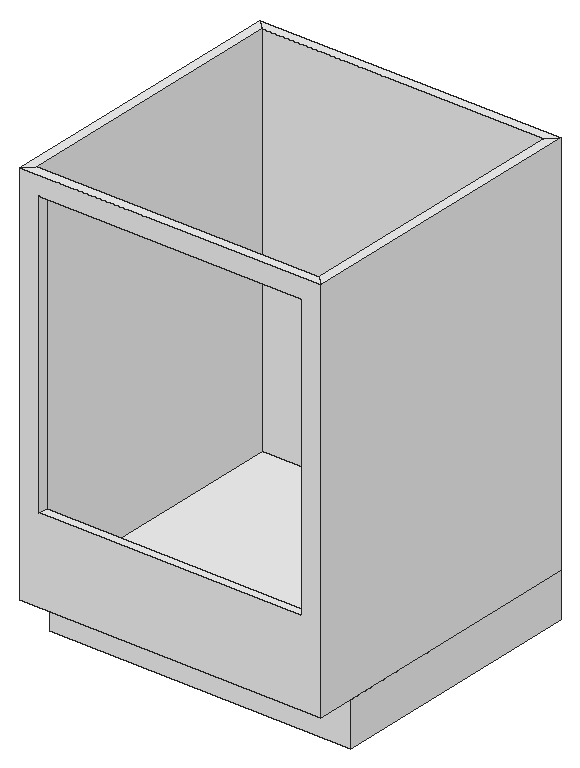
Revit family "c448c19404784fe8a38f08ff5f110088", category Casework, Revit 2021
Family settings
  OmniClass Number = 23.40.35.17.47.11
  OmniClass Title = Kitchen Casework
  Seek Item ID = Base Cabinet-Built In-0000-USA-ENU
  Work Plane-Based = No
  Always vertical = Yes
  Cut with Voids When Loaded = No
  Shared = No
  Room Calculation Point = No
Parameters (values of type "24"")
  Default Elevation = 0' - 0"
  Assembly Code = "C1030410"
  Cabinet Material = none
  Depth = 2' - 0"
  Height = 2' - 10 1/2"
  Opening Height = 1' - 10 3/4"
  Stile Width = 0' - 1 1/2"
  Toe Depth = 0' - 3"
  Toe Height = 0' - 3 1/2"
  Type Comments = "21\"w x 23.5\"h  Built-in"
  Width = 2' - 0"
Reference planes (in)
  plane 1 "Back": y = 0
  plane 2: z = 0
  plane 3 "Center": x = 0.7377
  plane 4 "Left": x = -11.2623
  plane 5 "Right": x = 12.7377
  plane 6 "Front": y = -24
  plane 7 "Top": z = 34.5
  plane 8: y = -21
  plane 9: z = 3.5
  plane 10: z = 33
  plane 11: z = 4.25
  plane 12: x = -9.7623
  plane 13: x = 11.2377
  plane 14: z = 10.25
Forms (in)
  Extrusion 1, solid, material <- "Cabinet Material"
    sketch origin (0, 0, 0) x (1, 0, 0) y (0, 1, 0)
      loop
        line (-11.2623, 0) -> (-11.2623, -21) -> (12.7377, -21) -> (12.7377, 0) -> (-11.2623, 0)
    from 0 to 3.5
  Sweep 2, solid, material <- "Cabinet Material"
    path origin (0, 0, 0) x (1, 0, 0) y (0, 1, 0)
      loop
        line (12.7377, 0) -> (-11.2623, 0) -> (-11.2623, -24) -> (12.7377, -24) -> (12.7377, 0)
    profile origin (0, -12, 0) x (1, 0, 0) y (0, 0, 1)
      loop
        line (12.7377, 3.5) -> (12.7377, 34.5) -> (11.9877, 34.5) -> (11.9877, 3.5) -> (12.7377, 3.5)
  Extrusion 3, solid, material <- "Cabinet Material"
    sketch origin (0, 0, 0) x (1, 0, 0) y (0, 1, 0)
      loop
        line (-10.5123, -0.75) -> (-10.5123, -23.25) -> (11.9877, -23.25) -> (11.9877, -0.75) -> (-10.5123, -0.75)
    from 4.25 to 3.5
  Extrusion 4, void
    sketch origin (0, -24, 0) x (1, 0, 0) y (0, 0, 1)
      loop
        line (-9.7623, 10.25) -> (11.2377, 10.25) -> (11.2377, 33) -> (-9.7623, 33) -> (-9.7623, 10.25)
    from -0.75 to 0
Cuts and joins
  Extrusion 4 cuts Extrusion 1
  Extrusion 4 cuts Sweep 2
  Extrusion 4 cuts Extrusion 3
Lines and regions (in)
  Masking region 1
    outline origin (0, 0, 0) x (1, 0, 0) y (0, 1, 0)
      loop
        line (-11.2623, 0) -> (-11.2623, -24) -> (12.7377, -24) -> (12.7377, 0) -> (-11.2623, 0)
  symbolic lines, style "Built-in Opening"
    curve 1: line (-9.7623, -24, 0) -> (-9.7623, -0.75, 0)
    curve 2: line (-9.7623, -0.75, 0) -> (11.2377, -0.75, 0)
    curve 3: line (11.2377, -0.75, 0) -> (11.2377, -24, 0)
Dimensions and locks (in)
  "Depth": plane 6 "Front" to plane 1 "Back"
  "Width": plane 4 "Left" to plane 5 "Right"
  equal spacing: plane 4 "Left", plane 3 "Center", plane 5 "Right"
  "Height": level to plane 7 "Top"
  "Toe Height": plane 2 to plane 9
  "Toe Depth": plane 6 "Front" to plane 8
  "Stile Width": plane 4 "Left" to plane 12
  "Stile Width": plane 13 to plane 5 "Right"
  locked: plane 7 "Top" to plane 10 at 1.5
  locked: plane 11 to plane 9 at 0.75
  "Opening Height": plane 10 to plane 14
  aligned and locked: plane 1 "Back" to Extrusion 1 sketch curve
  aligned and locked: Extrusion 1 sketch curve to plane 5 "Right"
  aligned and locked: Extrusion 1 sketch curve to plane 8
  aligned and locked: plane 4 "Left" to Extrusion 1 sketch curve
  aligned and locked: Extrusion 1 to level
  aligned and locked: Sweep 2 sketch curve to plane 6 "Front"
  aligned and locked: plane 1 "Back" to Sweep 2 sketch curve
  aligned and locked: Sweep 2 sketch curve to plane 5 "Right"  (x2)
  aligned and locked: plane 4 "Left" to Sweep 2 sketch curve
  aligned and locked: plane 7 "Top" to Sweep 2 sketch curve
  aligned and locked: plane 9 to Sweep 2 sketch curve
  aligned and locked: Sweep 2 to Extrusion 3 sketch curve  (x2)
  aligned and locked: Extrusion 3 sketch curve to Sweep 2  (x2)
  aligned and locked: Extrusion 3 to plane 11
  aligned and locked: Extrusion 3 to plane 9
  aligned and locked: plane 9 to Extrusion 1
  aligned and locked: cut or joined group of Sweep 2, Extrusion 4 to Extrusion 4
  aligned and locked: plane 6 "Front" to Extrusion 4
  aligned and locked: Extrusion 4 sketch curve to plane 10
  aligned and locked: plane 14 to Extrusion 4 sketch curve
  aligned and locked: plane 12 to Extrusion 4 sketch curve
  aligned and locked: Extrusion 4 sketch curve to plane 13
  aligned and locked: Masking region 1 sketch curve to plane 6 "Front"
  aligned and locked: Masking region 1 sketch curve to plane 5 "Right"
  aligned and locked: plane 1 "Back" to Masking region 1 sketch curve
  aligned and locked: plane 4 "Left" to Masking region 1 sketch curve
Automatic sketch dimensions
  profile plane to Sweep 2 sketch curve = 0' - 0 3/4"
  curve 1 to plane 6 "Front" = 0' - 0"
  curve 1 to plane 12 = 0' - 0"
  curve 2 to plane 13 = 0' - 0"
  plane 1 "Back" to curve 2 = 0' - 0 3/4"
  curve 3 to plane 6 "Front" = 0' - 0"
